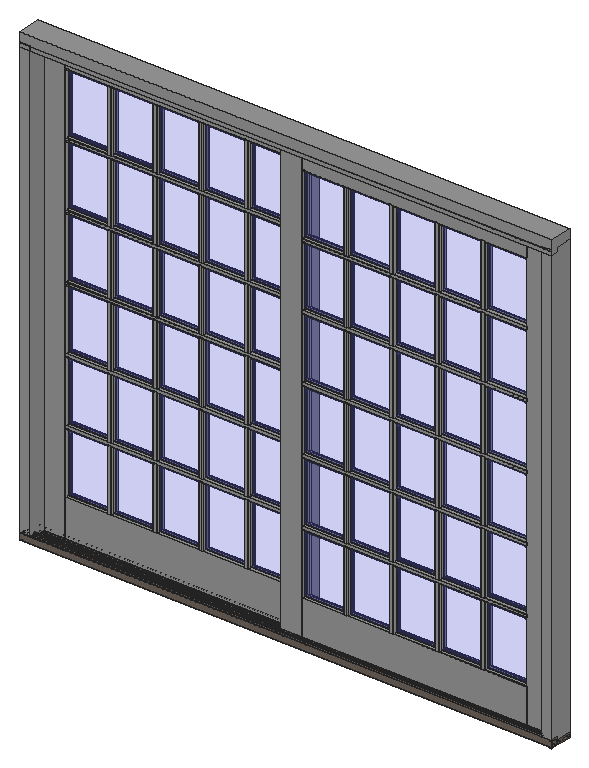
Revit family "VSDA2.4SP LH", category Doors, host Wall, Revit 2015 (continued)
Automatic sketch dimensions
  Sweep 51 sketch curve to Sweep 51 sketch curve = 2 mm  (x2)
  Sweep 51 sketch curve to profile plane = 132.5 mm
  Sweep 51 sketch curve to Sweep 51 sketch curve = 6 mm
  plane 2 "Center (Left/Right)" to Sweep 52 sketch curve = 43.5 mm
  Sweep 52 sketch curve to Sweep 52 sketch curve = 197.7 mm
  plane 5 to Sweep 52 sketch curve = 425 mm
  plane 5 to Sweep 52 sketch curve = 141 mm
  profile plane to Sweep 52 sketch curve = 0 mm
  profile plane to Sweep 52 sketch curve = 0.241 mm
  Sweep 52 sketch curve to Sweep 52 sketch curve = 6.759 mm
  Sweep 52 sketch curve to Sweep 52 sketch curve = 2 mm  (x2)
  Sweep 52 sketch curve to profile plane = 132.5 mm
  Sweep 52 sketch curve to Sweep 52 sketch curve = 6 mm
  plane 4 "Right" to Sweep 53 sketch curve = 338.7 mm
  plane 4 "Right" to Sweep 53 sketch curve = 141 mm
  plane 5 to Sweep 53 sketch curve = 722 mm
  Sweep 53 sketch curve to Sweep 53 sketch curve = 284 mm
  profile plane to Sweep 53 sketch curve = 0 mm
  profile plane to Sweep 53 sketch curve = 0.241 mm
  Sweep 53 sketch curve to Sweep 53 sketch curve = 6.759 mm
  Sweep 53 sketch curve to Sweep 53 sketch curve = 2 mm  (x2)
  Sweep 53 sketch curve to profile plane = 132.5 mm
  Sweep 53 sketch curve to Sweep 53 sketch curve = 6 mm
  host wall to Extrusion 54 sketch curve = 5.5 mm  (x4)
  plane 2 "Center (Left/Right)" to Extrusion 54 sketch curve = 232.2 mm
  Extrusion 54 sketch curve to Extrusion 54 sketch curve = 2 mm  (x16)
  Extrusion 54 sketch curve to Extrusion 54 sketch curve = 6.759 mm  (x8)
  Extrusion 54 sketch curve to Extrusion 54 sketch curve = 0.241 mm  (x12)
  Extrusion 54 sketch curve to Extrusion 54 sketch curve = 13 mm  (x6)
  Extrusion 54 sketch curve to Extrusion 54 sketch curve = 0 mm  (x3)
  host wall to Extrusion 54 sketch curve = 7.5 mm  (x4)
  Extrusion 54 sketch curve to Extrusion 54 sketch curve = 179.7 mm  (x3)
  Extrusion 54 sketch curve to Extrusion 54 sketch curve = 8 mm  (x4)
  host wall to Extrusion 54 sketch curve = 13.5 mm
  Extrusion 54 sketch curve to Extrusion 54 sketch curve = 6 mm  (x2)
  Extrusion 54 sketch curve to Extrusion 54 sketch curve = 1.197 mm  (x4)
  Extrusion 54 sketch curve to host wall = 24.5 mm  (x4)
  plane 4 "Right" to Sweep 55 sketch curve = 549.4 mm
  Sweep 55 sketch curve to Sweep 55 sketch curve = 197.7 mm
  plane 5 to Sweep 55 sketch curve = 722 mm
  Sweep 55 sketch curve to Sweep 55 sketch curve = 284 mm
  profile plane to Sweep 55 sketch curve = 0 mm
  profile plane to Sweep 55 sketch curve = 0.241 mm
  Sweep 55 sketch curve to Sweep 55 sketch curve = 6.759 mm
  Sweep 55 sketch curve to Sweep 55 sketch curve = 2 mm  (x2)
  Sweep 55 sketch curve to profile plane = 132.5 mm
  Sweep 55 sketch curve to Sweep 55 sketch curve = 6 mm
  plane 2 "Center (Left/Right)" to Sweep 56 sketch curve = 464.9 mm
  Sweep 56 sketch curve to Sweep 56 sketch curve = 197.7 mm
  plane 5 to Sweep 56 sketch curve = 722 mm
  Sweep 56 sketch curve to Sweep 56 sketch curve = 284 mm
  profile plane to Sweep 56 sketch curve = 0 mm
  profile plane to Sweep 56 sketch curve = 0.241 mm
  Sweep 56 sketch curve to Sweep 56 sketch curve = 6.759 mm
  Sweep 56 sketch curve to Sweep 56 sketch curve = 2 mm  (x2)
  Sweep 56 sketch curve to profile plane = 132.5 mm
  Sweep 56 sketch curve to Sweep 56 sketch curve = 6 mm
  plane 2 "Center (Left/Right)" to Sweep 57 sketch curve = 254.2 mm
  Sweep 57 sketch curve to Sweep 57 sketch curve = 197.7 mm
  plane 5 to Sweep 57 sketch curve = 722 mm
  Sweep 57 sketch curve to Sweep 57 sketch curve = 284 mm
  profile plane to Sweep 57 sketch curve = 0 mm
  profile plane to Sweep 57 sketch curve = 0.241 mm
  Sweep 57 sketch curve to Sweep 57 sketch curve = 6.759 mm
  Sweep 57 sketch curve to Sweep 57 sketch curve = 2 mm  (x2)
  Sweep 57 sketch curve to profile plane = 132.5 mm
  Sweep 57 sketch curve to Sweep 57 sketch curve = 6 mm
  plane 2 "Center (Left/Right)" to Sweep 58 sketch curve = 43.5 mm
  Sweep 58 sketch curve to Sweep 58 sketch curve = 197.7 mm
  plane 5 to Sweep 58 sketch curve = 722 mm
  Sweep 58 sketch curve to Sweep 58 sketch curve = 284 mm
  profile plane to Sweep 58 sketch curve = 0 mm
  profile plane to Sweep 58 sketch curve = 0.241 mm
  Sweep 58 sketch curve to Sweep 58 sketch curve = 6.759 mm
  Sweep 58 sketch curve to Sweep 58 sketch curve = 2 mm  (x2)
  Sweep 58 sketch curve to profile plane = 132.5 mm
  Sweep 58 sketch curve to Sweep 58 sketch curve = 6 mm
  plane 4 "Right" to Sweep 59 sketch curve = 338.7 mm
  plane 4 "Right" to Sweep 59 sketch curve = 141 mm
  plane 5 to Sweep 59 sketch curve = 1019 mm
  Sweep 59 sketch curve to Sweep 59 sketch curve = 284 mm
  profile plane to Sweep 59 sketch curve = 0 mm
  profile plane to Sweep 59 sketch curve = 0.241 mm
  Sweep 59 sketch curve to Sweep 59 sketch curve = 6.759 mm
  Sweep 59 sketch curve to Sweep 59 sketch curve = 2 mm  (x2)
  Sweep 59 sketch curve to profile plane = 132.5 mm
  Sweep 59 sketch curve to Sweep 59 sketch curve = 6 mm
  host wall to Extrusion 60 sketch curve = 5.5 mm  (x4)
  plane 2 "Center (Left/Right)" to Extrusion 60 sketch curve = 232.2 mm
  Extrusion 60 sketch curve to Extrusion 60 sketch curve = 2 mm  (x16)
  Extrusion 60 sketch curve to Extrusion 60 sketch curve = 6.759 mm  (x8)
  Extrusion 60 sketch curve to Extrusion 60 sketch curve = 0.241 mm  (x12)
  Extrusion 60 sketch curve to Extrusion 60 sketch curve = 13 mm  (x6)
  Extrusion 60 sketch curve to Extrusion 60 sketch curve = 0 mm  (x3)
  host wall to Extrusion 60 sketch curve = 7.5 mm  (x4)
  Extrusion 60 sketch curve to Extrusion 60 sketch curve = 179.7 mm  (x3)
  Extrusion 60 sketch curve to Extrusion 60 sketch curve = 8 mm  (x4)
  host wall to Extrusion 60 sketch curve = 13.5 mm
  Extrusion 60 sketch curve to Extrusion 60 sketch curve = 6 mm  (x2)
  Extrusion 60 sketch curve to Extrusion 60 sketch curve = 1.197 mm  (x4)
  Extrusion 60 sketch curve to host wall = 24.5 mm  (x4)
  plane 4 "Right" to Sweep 61 sketch curve = 549.4 mm
  Sweep 61 sketch curve to Sweep 61 sketch curve = 197.7 mm
  plane 5 to Sweep 61 sketch curve = 1019 mm
  Sweep 61 sketch curve to Sweep 61 sketch curve = 284 mm
  profile plane to Sweep 61 sketch curve = 0 mm
  profile plane to Sweep 61 sketch curve = 0.241 mm
  Sweep 61 sketch curve to Sweep 61 sketch curve = 6.759 mm
  Sweep 61 sketch curve to Sweep 61 sketch curve = 2 mm  (x2)
  Sweep 61 sketch curve to profile plane = 132.5 mm
  Sweep 61 sketch curve to Sweep 61 sketch curve = 6 mm
  plane 2 "Center (Left/Right)" to Sweep 62 sketch curve = 464.9 mm
  Sweep 62 sketch curve to Sweep 62 sketch curve = 197.7 mm
  plane 5 to Sweep 62 sketch curve = 1019 mm
  Sweep 62 sketch curve to Sweep 62 sketch curve = 284 mm
  profile plane to Sweep 62 sketch curve = 0 mm
  profile plane to Sweep 62 sketch curve = 0.241 mm
  Sweep 62 sketch curve to Sweep 62 sketch curve = 6.759 mm
  Sweep 62 sketch curve to Sweep 62 sketch curve = 2 mm  (x2)
  Sweep 62 sketch curve to profile plane = 132.5 mm
  Sweep 62 sketch curve to Sweep 62 sketch curve = 6 mm
  plane 2 "Center (Left/Right)" to Sweep 63 sketch curve = 254.2 mm
  Sweep 63 sketch curve to Sweep 63 sketch curve = 197.7 mm
  plane 5 to Sweep 63 sketch curve = 1019 mm
  Sweep 63 sketch curve to Sweep 63 sketch curve = 284 mm
  profile plane to Sweep 63 sketch curve = 0 mm
  profile plane to Sweep 63 sketch curve = 0.241 mm
  Sweep 63 sketch curve to Sweep 63 sketch curve = 6.759 mm
  Sweep 63 sketch curve to Sweep 63 sketch curve = 2 mm  (x2)
  Sweep 63 sketch curve to profile plane = 132.5 mm
  Sweep 63 sketch curve to Sweep 63 sketch curve = 6 mm
  plane 2 "Center (Left/Right)" to Sweep 64 sketch curve = 43.5 mm
  Sweep 64 sketch curve to Sweep 64 sketch curve = 197.7 mm
  plane 5 to Sweep 64 sketch curve = 1019 mm
  Sweep 64 sketch curve to Sweep 64 sketch curve = 284 mm
  profile plane to Sweep 64 sketch curve = 0 mm
  profile plane to Sweep 64 sketch curve = 0.241 mm
  Sweep 64 sketch curve to Sweep 64 sketch curve = 6.759 mm
  Sweep 64 sketch curve to Sweep 64 sketch curve = 2 mm  (x2)
  Sweep 64 sketch curve to profile plane = 132.5 mm
  Sweep 64 sketch curve to Sweep 64 sketch curve = 6 mm
  plane 4 "Right" to Sweep 65 sketch curve = 338.7 mm
  plane 4 "Right" to Sweep 65 sketch curve = 141 mm
  level to Sweep 65 sketch curve = 784 mm
  Sweep 65 sketch curve to Sweep 65 sketch curve = 284 mm
  profile plane to Sweep 65 sketch curve = 0 mm
  profile plane to Sweep 65 sketch curve = 0.241 mm
  Sweep 65 sketch curve to Sweep 65 sketch curve = 6.759 mm
  Sweep 65 sketch curve to Sweep 65 sketch curve = 2 mm  (x2)
  Sweep 65 sketch curve to profile plane = 132.5 mm
  Sweep 65 sketch curve to Sweep 65 sketch curve = 6 mm
  host wall to Extrusion 66 sketch curve = 5.5 mm  (x4)
  plane 2 "Center (Left/Right)" to Extrusion 66 sketch curve = 232.2 mm
  Extrusion 66 sketch curve to Extrusion 66 sketch curve = 2 mm  (x16)
  Extrusion 66 sketch curve to Extrusion 66 sketch curve = 6.759 mm  (x8)
  Extrusion 66 sketch curve to Extrusion 66 sketch curve = 0.241 mm  (x12)
  Extrusion 66 sketch curve to Extrusion 66 sketch curve = 13 mm  (x6)
  Extrusion 66 sketch curve to Extrusion 66 sketch curve = 0 mm  (x3)
  host wall to Extrusion 66 sketch curve = 7.5 mm  (x4)
  Extrusion 66 sketch curve to Extrusion 66 sketch curve = 179.7 mm  (x3)
  Extrusion 66 sketch curve to Extrusion 66 sketch curve = 8 mm  (x4)
  host wall to Extrusion 66 sketch curve = 13.5 mm
  Extrusion 66 sketch curve to Extrusion 66 sketch curve = 6 mm  (x2)
  Extrusion 66 sketch curve to Extrusion 66 sketch curve = 1.197 mm  (x4)
  Extrusion 66 sketch curve to host wall = 24.5 mm  (x4)
  plane 4 "Right" to Sweep 67 sketch curve = 549.4 mm
  Sweep 67 sketch curve to Sweep 67 sketch curve = 197.7 mm
  level to Sweep 67 sketch curve = 784 mm
  Sweep 67 sketch curve to Sweep 67 sketch curve = 284 mm
  profile plane to Sweep 67 sketch curve = 0 mm
  profile plane to Sweep 67 sketch curve = 0.241 mm
  Sweep 67 sketch curve to Sweep 67 sketch curve = 6.759 mm
  Sweep 67 sketch curve to Sweep 67 sketch curve = 2 mm  (x2)
  Sweep 67 sketch curve to profile plane = 132.5 mm
  Sweep 67 sketch curve to Sweep 67 sketch curve = 6 mm
  plane 2 "Center (Left/Right)" to Sweep 68 sketch curve = 464.9 mm
  Sweep 68 sketch curve to Sweep 68 sketch curve = 197.7 mm
  level to Sweep 68 sketch curve = 784 mm
  Sweep 68 sketch curve to Sweep 68 sketch curve = 284 mm
  profile plane to Sweep 68 sketch curve = 0 mm
  profile plane to Sweep 68 sketch curve = 0.241 mm
  Sweep 68 sketch curve to Sweep 68 sketch curve = 6.759 mm
  Sweep 68 sketch curve to Sweep 68 sketch curve = 2 mm  (x2)
  Sweep 68 sketch curve to profile plane = 132.5 mm
  Sweep 68 sketch curve to Sweep 68 sketch curve = 6 mm
  plane 2 "Center (Left/Right)" to Sweep 69 sketch curve = 254.2 mm
  Sweep 69 sketch curve to Sweep 69 sketch curve = 197.7 mm
  level to Sweep 69 sketch curve = 784 mm
  Sweep 69 sketch curve to Sweep 69 sketch curve = 284 mm
  profile plane to Sweep 69 sketch curve = 0 mm
  profile plane to Sweep 69 sketch curve = 0.241 mm
  Sweep 69 sketch curve to Sweep 69 sketch curve = 6.759 mm
  Sweep 69 sketch curve to Sweep 69 sketch curve = 2 mm  (x2)
  Sweep 69 sketch curve to profile plane = 132.5 mm
  Sweep 69 sketch curve to Sweep 69 sketch curve = 6 mm
  plane 2 "Center (Left/Right)" to Sweep 70 sketch curve = 43.5 mm
  Sweep 70 sketch curve to Sweep 70 sketch curve = 197.7 mm
  level to Sweep 70 sketch curve = 784 mm
  Sweep 70 sketch curve to Sweep 70 sketch curve = 284 mm
  profile plane to Sweep 70 sketch curve = 0 mm
  profile plane to Sweep 70 sketch curve = 0.241 mm
  Sweep 70 sketch curve to Sweep 70 sketch curve = 6.759 mm
  Sweep 70 sketch curve to Sweep 70 sketch curve = 2 mm  (x2)
  Sweep 70 sketch curve to profile plane = 132.5 mm
  Sweep 70 sketch curve to Sweep 70 sketch curve = 6 mm
  plane 4 "Right" to Sweep 71 sketch curve = 338.7 mm
  plane 4 "Right" to Sweep 71 sketch curve = 141 mm
  level to Sweep 71 sketch curve = 487 mm
  Sweep 71 sketch curve to Sweep 71 sketch curve = 284 mm
  profile plane to Sweep 71 sketch curve = 0 mm
  profile plane to Sweep 71 sketch curve = 0.241 mm
  Sweep 71 sketch curve to Sweep 71 sketch curve = 6.759 mm
  Sweep 71 sketch curve to Sweep 71 sketch curve = 2 mm  (x2)
  Sweep 71 sketch curve to profile plane = 132.5 mm
  Sweep 71 sketch curve to Sweep 71 sketch curve = 6 mm
  host wall to Extrusion 72 sketch curve = 5.5 mm  (x4)
  plane 2 "Center (Left/Right)" to Extrusion 72 sketch curve = 232.2 mm
  Extrusion 72 sketch curve to Extrusion 72 sketch curve = 2 mm  (x16)
  Extrusion 72 sketch curve to Extrusion 72 sketch curve = 6.759 mm  (x8)
  Extrusion 72 sketch curve to Extrusion 72 sketch curve = 0.241 mm  (x12)
  Extrusion 72 sketch curve to Extrusion 72 sketch curve = 13 mm  (x6)
  Extrusion 72 sketch curve to Extrusion 72 sketch curve = 0 mm  (x3)
  host wall to Extrusion 72 sketch curve = 7.5 mm  (x4)
  Extrusion 72 sketch curve to Extrusion 72 sketch curve = 179.7 mm  (x3)
  Extrusion 72 sketch curve to Extrusion 72 sketch curve = 8 mm  (x4)
  host wall to Extrusion 72 sketch curve = 13.5 mm
  Extrusion 72 sketch curve to Extrusion 72 sketch curve = 6 mm  (x2)
  Extrusion 72 sketch curve to Extrusion 72 sketch curve = 1.197 mm  (x4)
  Extrusion 72 sketch curve to host wall = 24.5 mm  (x4)
  plane 4 "Right" to Sweep 73 sketch curve = 549.4 mm
  Sweep 73 sketch curve to Sweep 73 sketch curve = 197.7 mm
  level to Sweep 73 sketch curve = 487 mm
  Sweep 73 sketch curve to Sweep 73 sketch curve = 284 mm
  profile plane to Sweep 73 sketch curve = 0 mm
  profile plane to Sweep 73 sketch curve = 0.241 mm
  Sweep 73 sketch curve to Sweep 73 sketch curve = 6.759 mm
  Sweep 73 sketch curve to Sweep 73 sketch curve = 2 mm  (x2)
  Sweep 73 sketch curve to profile plane = 132.5 mm
  Sweep 73 sketch curve to Sweep 73 sketch curve = 6 mm
  plane 2 "Center (Left/Right)" to Sweep 74 sketch curve = 464.9 mm
  Sweep 74 sketch curve to Sweep 74 sketch curve = 197.7 mm
  level to Sweep 74 sketch curve = 487 mm
  Sweep 74 sketch curve to Sweep 74 sketch curve = 284 mm
  profile plane to Sweep 74 sketch curve = 0 mm
  profile plane to Sweep 74 sketch curve = 0.241 mm
  Sweep 74 sketch curve to Sweep 74 sketch curve = 6.759 mm
  Sweep 74 sketch curve to Sweep 74 sketch curve = 2 mm  (x2)
  Sweep 74 sketch curve to profile plane = 132.5 mm
  Sweep 74 sketch curve to Sweep 74 sketch curve = 6 mm
  plane 2 "Center (Left/Right)" to Sweep 75 sketch curve = 254.2 mm
  Sweep 75 sketch curve to Sweep 75 sketch curve = 197.7 mm
  level to Sweep 75 sketch curve = 487 mm
  Sweep 75 sketch curve to Sweep 75 sketch curve = 284 mm
  profile plane to Sweep 75 sketch curve = 0 mm
  profile plane to Sweep 75 sketch curve = 0.241 mm
  Sweep 75 sketch curve to Sweep 75 sketch curve = 6.759 mm
  Sweep 75 sketch curve to Sweep 75 sketch curve = 2 mm  (x2)
  Sweep 75 sketch curve to profile plane = 132.5 mm
  Sweep 75 sketch curve to Sweep 75 sketch curve = 6 mm
  plane 2 "Center (Left/Right)" to Sweep 76 sketch curve = 43.5 mm
  Sweep 76 sketch curve to Sweep 76 sketch curve = 197.7 mm
  level to Sweep 76 sketch curve = 487 mm
  Sweep 76 sketch curve to Sweep 76 sketch curve = 284 mm
  profile plane to Sweep 76 sketch curve = 0 mm
  profile plane to Sweep 76 sketch curve = 0.241 mm
  Sweep 76 sketch curve to Sweep 76 sketch curve = 6.759 mm
  Sweep 76 sketch curve to Sweep 76 sketch curve = 2 mm  (x2)
  Sweep 76 sketch curve to profile plane = 132.5 mm
  Sweep 76 sketch curve to Sweep 76 sketch curve = 6 mm
  plane 4 "Right" to Sweep 77 sketch curve = 338.7 mm
  plane 4 "Right" to Sweep 77 sketch curve = 141 mm
  level to Sweep 77 sketch curve = 190 mm
  Sweep 77 sketch curve to Sweep 77 sketch curve = 284 mm
  profile plane to Sweep 77 sketch curve = 0 mm
  profile plane to Sweep 77 sketch curve = 0.241 mm
  Sweep 77 sketch curve to Sweep 77 sketch curve = 6.759 mm
  Sweep 77 sketch curve to Sweep 77 sketch curve = 2 mm  (x2)
  Sweep 77 sketch curve to profile plane = 132.5 mm
  Sweep 77 sketch curve to Sweep 77 sketch curve = 6 mm
  host wall to Extrusion 78 sketch curve = 5.5 mm  (x4)
  plane 2 "Center (Left/Right)" to Extrusion 78 sketch curve = 232.2 mm
  Extrusion 78 sketch curve to Extrusion 78 sketch curve = 2 mm  (x16)
  Extrusion 78 sketch curve to Extrusion 78 sketch curve = 6.759 mm  (x8)
  Extrusion 78 sketch curve to Extrusion 78 sketch curve = 0.241 mm  (x12)
  Extrusion 78 sketch curve to Extrusion 78 sketch curve = 13 mm  (x6)
  Extrusion 78 sketch curve to Extrusion 78 sketch curve = 0 mm  (x3)
  host wall to Extrusion 78 sketch curve = 7.5 mm  (x4)
  Extrusion 78 sketch curve to Extrusion 78 sketch curve = 179.7 mm  (x3)
  Extrusion 78 sketch curve to Extrusion 78 sketch curve = 8 mm  (x4)
  host wall to Extrusion 78 sketch curve = 13.5 mm
  Extrusion 78 sketch curve to Extrusion 78 sketch curve = 6 mm  (x2)
  Extrusion 78 sketch curve to Extrusion 78 sketch curve = 1.197 mm  (x4)
  Extrusion 78 sketch curve to host wall = 24.5 mm  (x4)
  level to Sweep 79 sketch curve = 190 mm
  plane 4 "Right" to Sweep 79 sketch curve = 549.4 mm
  Sweep 79 sketch curve to Sweep 79 sketch curve = 197.7 mm
  Sweep 79 sketch curve to Sweep 79 sketch curve = 284 mm
  profile plane to Sweep 79 sketch curve = 0 mm
  profile plane to Sweep 79 sketch curve = 0.241 mm
  Sweep 79 sketch curve to Sweep 79 sketch curve = 6.759 mm
  Sweep 79 sketch curve to Sweep 79 sketch curve = 2 mm  (x2)
  Sweep 79 sketch curve to profile plane = 132.5 mm
  Sweep 79 sketch curve to Sweep 79 sketch curve = 6 mm
  level to Sweep 80 sketch curve = 190 mm
  plane 2 "Center (Left/Right)" to Sweep 80 sketch curve = 464.9 mm
  Sweep 80 sketch curve to Sweep 80 sketch curve = 197.7 mm
  Sweep 80 sketch curve to Sweep 80 sketch curve = 284 mm
  profile plane to Sweep 80 sketch curve = 0 mm
  profile plane to Sweep 80 sketch curve = 0.241 mm
  Sweep 80 sketch curve to Sweep 80 sketch curve = 6.759 mm
  Sweep 80 sketch curve to Sweep 80 sketch curve = 2 mm  (x2)
  Sweep 80 sketch curve to profile plane = 132.5 mm
  Sweep 80 sketch curve to Sweep 80 sketch curve = 6 mm
  plane 2 "Center (Left/Right)" to Sweep 81 sketch curve = 254.2 mm
  Sweep 81 sketch curve to Sweep 81 sketch curve = 197.7 mm
  level to Sweep 81 sketch curve = 190 mm
  Sweep 81 sketch curve to Sweep 81 sketch curve = 284 mm
  profile plane to Sweep 81 sketch curve = 0 mm
  profile plane to Sweep 81 sketch curve = 0.241 mm
  Sweep 81 sketch curve to Sweep 81 sketch curve = 6.759 mm
  Sweep 81 sketch curve to Sweep 81 sketch curve = 2 mm  (x2)
  Sweep 81 sketch curve to profile plane = 132.5 mm
  Sweep 81 sketch curve to Sweep 81 sketch curve = 6 mm
  plane 2 "Center (Left/Right)" to Sweep 82 sketch curve = 43.5 mm
  Sweep 82 sketch curve to Sweep 82 sketch curve = 197.7 mm
  level to Sweep 82 sketch curve = 190 mm
  Sweep 82 sketch curve to Sweep 82 sketch curve = 284 mm
  profile plane to Sweep 82 sketch curve = 0 mm
  profile plane to Sweep 82 sketch curve = 0.241 mm
  Sweep 82 sketch curve to Sweep 82 sketch curve = 6.759 mm
  Sweep 82 sketch curve to Sweep 82 sketch curve = 2 mm  (x2)
  Sweep 82 sketch curve to profile plane = 132.5 mm
  Sweep 82 sketch curve to Sweep 82 sketch curve = 6 mm
  plane 2 "Center (Left/Right)" to Extrusion 83 sketch curve = 43.5 mm  (x2)
  Extrusion 83 sketch curve to Extrusion 83 sketch curve = 0 mm  (x41)
  Extrusion 83 sketch curve to Extrusion 83 sketch curve = 0.01 mm  (x5)
  Extrusion 83 sketch curve to Extrusion 83 sketch curve = 197.69 mm  (x6)
  Extrusion 83 sketch curve to Extrusion 83 sketch curve = 197.7 mm  (x6)
  Extrusion 83 sketch curve to Extrusion 83 sketch curve = 13 mm  (x25)
  Extrusion 83 sketch curve to Extrusion 83 sketch curve = 13.01 mm  (x8)
  Extrusion 83 sketch curve to Extrusion 83 sketch curve = 197.681 mm  (x2)
  plane 4 "Right" to Extrusion 83 sketch curve = 141 mm  (x4)
  level to Extrusion 83 sketch curve = 190 mm  (x2)
  Extrusion 83 sketch curve to Extrusion 83 sketch curve = 284 mm
  Extrusion 83 sketch curve to Extrusion 83 sketch curve = 0.012 mm  (x11)
  Extrusion 83 sketch curve to Extrusion 83 sketch curve = 283.988 mm  (x4)
  Extrusion 83 sketch curve to Extrusion 83 sketch curve = 283.977 mm
  Extrusion 83 sketch curve to Extrusion 83 sketch curve = 13.012 mm
  plane 5 to Extrusion 83 sketch curve = 141.012 mm
